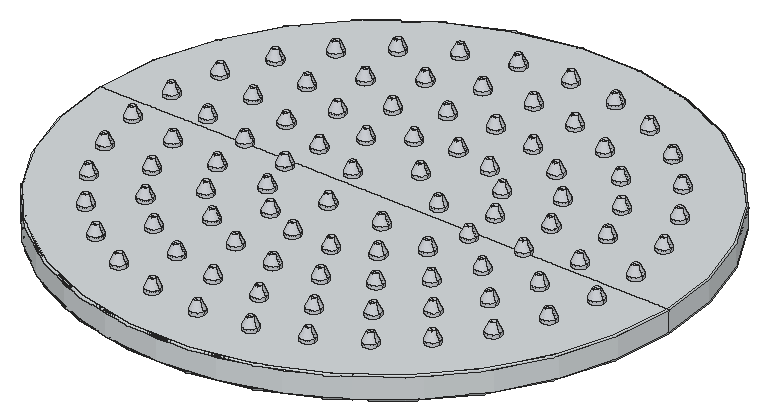
Revit family "Reece_Shower_Mizu_Drift_Overhead Shower_Brass_200 mm", category Plumbing Fixtures, host Face, Revit 2018
Family settings
  Host = Face
  Round Connector Dimension = Use Diameter
  Part Type = Normal
  Cut with Voids When Loaded = No
  Shared = No
  Room Calculation Point = No
Parameters (values of type "Brushed Nickel")
  WFU = 0  # constant formula
  URL = "https://www.reece.com.au/product/-9508186"
  Reece_Shower_Inlet = 15 mm  # constant formula
  Reece_Product_Web Page = "https://www.reece.com.au/product/-9508186"
  Reece_Product_Sub Brand = "Drift"  # constant formula
  Reece_Product_Number = "9508186"
  Reece_Product_Mount = "Ceiling Mounted"
  Reece_Product_Description = "Mizu Drift Brass Overhead Shower 200mm Brushed Nickel (3 Star)"
  Reece_Product_Brand = "Mizu"  # constant formula
  Reece_Overall_Height = 53 mm  # constant formula
  Reece_Overall-Diameter = 200 mm  # constant formula
  Reece_Material_Main = Reece_Brass_Brushed Nickel
  Reece_Head_ Thickness = 8 mm  # constant formula
  Reece_Detail_Material = "Brass"  # constant formula
  Reece_Detail_Disclaimer = "THIS FILE IS THE PROPERTY OF THE REECE GROUP. IT MAY NOT BE REPRODUCED, REVERSE-ENGINEERED, OR MODIFIED. ANY REPUBLICATION, TRANSMISSION, OR DISTRIBUTION FOR THE PURPOSE OF COMMERCIALLY EXPLOITING THE FILES IS PROHIBITED."  # constant formula
  Reece_Detail_Additional = "Overhead Shower"  # constant formula
  Model = "Drift"
  Manufacturer = "Mizu"
  Keynote = "Product #9508186, Reece_Shower_Mizu_Drift_Overhead Shower_Brass_200 mm - Brushed Nickel"
  HWFU = 0  # constant formula
  Disclaimer = "THIS FILE IS THE PROPERTY OF THE REECE GROUP. IT MAY NOT BE REPRODUCED, REVERSE-ENGINEERED, OR MODIFIED. ANY REPUBLICATION, TRANSMISSION, OR DISTRIBUTION FOR THE PURPOSE OF COMMERCIALLY EXPLOITING THE FILES IS PROHIBITED."  # constant formula
  Description = "Mizu Drift Brass Overhead Shower 200mm Brushed Nickel (3 Star)"
  Default Elevation = 0 mm
  CWFU = 0  # constant formula
Types (4, lengths in mm): name | URL | Reece_Product_Web Page | Reece_Product_Number | Reece_Product_Description | Reece_Material_Main | Keynote | Description
  Chrome | "https://www.reece.com.au/product/-9505038" | "https://www.reece.com.au/product/-9505038" | "9505038" | "Mizu Drift Brass Overhead Shower 200mm Chrome (3 Star)" | Reece_Brass_Chrome | "Product #9505038, Reece_Shower_Mizu_Drift_Overhead Shower_Brass_200 mm - Chrome" | "Mizu Drift Brass Overhead Shower 200mm Chrome (3 Star)"
  Brushed Nickel | "https://www.reece.com.au/product/-9508186" | "https://www.reece.com.au/product/-9508186" | "9508186" | "Mizu Drift Brass Overhead Shower 200mm Brushed Nickel (3 Star)" | Reece_Brass_Brushed Nickel | "Product #9508186, Reece_Shower_Mizu_Drift_Overhead Shower_Brass_200 mm - Brushed Nickel" | "Mizu Drift Brass Overhead Shower 200mm Brushed Nickel (3 Star)"
  Matte Black | "https://www.reece.com.au/product/-9505040" | "https://www.reece.com.au/product/-9505040" | "9505040" | "Mizu Drift Brass Overhead Shower 200mm Matte Black (3 Star)" | Reece_Brass_Matte Black | "Product #9505040, Reece_Shower_Mizu_Drift_Overhead Shower_Brass_200 mm - Matte Black" | "Mizu Drift Brass Overhead Shower 200mm Matte Black (3 Star)"
  Brushed Brass | "https://www.reece.com.au/product/-9512323" | "https://www.reece.com.au/product/-9512323" | "9512323" | "Mizu Drift Overhead Shower Brass 200mm Brushed Brass (3 Star)" | Reece_Brass_Brushed | "Product #9512323, Reece_Shower_Mizu_Drift_Overhead Shower_Brass_200 mm - Brushed Brass" | "Mizu Drift Overhead Shower Brass 200mm Brushed Brass (3 Star)"
Reference planes
  plane 1 "Center (Front/Back)": y = 0
  plane 2: z = 0
  plane 3 "Center (Left/Right)": x = 0
  plane 4: z = 53
  plane 5: y = 100
  plane 6: y = -100
  plane 7: x = 100
  plane 8: x = -100
  plane 9: z = 45
Forms (mm)
  Revolve 1, solid, material "Reece_Brass_Brushed Nickel" <- "Reece_Material_Main"
    sketch origin (0, 0, -187) x (1, 0, 0) y (0, 0, 1)
      loop
        line (0, 240) -> (0, 187) -> (12, 187) -> (12, 200.9) -> (8, 200.9) -> (8, 204.4) -> (8.702, 204.989) -> (14.5, 204.989)
        arc (14.5, 204.989) -> (15.914, 205.575) -> (16.5, 206.989) r 2
        line (16.5, 206.989) -> (16.5, 228) -> (18.5, 228)
        arc (18.5, 228) -> (18.854, 228.146) -> (19, 228.5) r 0.5
        line (19, 228.5) -> (19, 232) -> (99.5, 232)
        arc (99.5, 232) -> (99.854, 232.146) -> (100, 232.5) r 0.5
        line (100, 232.5) -> (100, 239.5)
        arc (100, 239.5) -> (99.854, 239.854) -> (99.5, 240) r 0.5
        line (99.5, 240) -> (0, 240)
      axis (0, 240) -> (0, 187)
    angle from 0 to 360
  Extrusion 2, void
    sketch origin (0, 0, 0) x (1, 0, 0) y (0, 0, 1)
      loop
        line (-4.039, 6.9) -> (-4.039, 0) -> (4.039, 0) -> (4.039, 6.9) -> (-4.039, 6.9)
    from 10.673 to 13.307
  Extrusion 3, void
    sketch origin (0, 0, 0) x (1, 0, 0) y (0, 0, -1)
      loop
        line (-4.039, -6.9) -> (4.039, -6.9) -> (4.039, 0) -> (-4.039, 0) -> (-4.039, -6.9)
    from 10.673 to 13.307
  Extrusion 4, void
    sketch origin (0, 0, 0) x (1, 0, 0) y (0, 0, -1)
      loop
        line (-5.657, -23) -> (5.657, -23) -> (5.657, -20.024)
        arc (5.657, -20.024) -> (5.468, -19.439) -> (4.971, -19.075) r 1
        arc (4.971, -19.075) -> (0, -18.273) -> (-4.971, -19.075) r 15.81
        arc (-4.971, -19.075) -> (-5.468, -19.439) -> (-5.657, -20.024) r 1
        line (-5.657, -20.024) -> (-5.657, -23)
    from 14 to 20.436
  Extrusion 5, void
    sketch origin (0, 0, 0) x (1, 0, 0) y (0, 1, 0)
      loop
        circle (0, 0) r 9.5
    from 0 to 12.58
  Extrusion 6, void
    sketch origin (0, 0, 0) x (1, 0, 0) y (0, 0, 1)
      loop
        line (-5.657, 23) -> (-5.657, 20.024)
        arc (-5.657, 20.024) -> (-5.468, 19.439) -> (-4.971, 19.075) r 1
        arc (-4.971, 19.075) -> (0, 18.273) -> (4.971, 19.075) r 15.81
        arc (4.971, 19.075) -> (5.468, 19.439) -> (5.657, 20.024) r 1
        line (5.657, 20.024) -> (5.657, 23) -> (-5.657, 23)
    from 14 to 20.436
  Extrusion 7, solid, material "Reece_Brass_Brushed Nickel" <- "Reece_Material_Main"
    sketch origin (0, 0, 0) x (1, 0, 0) y (0, 1, 0)
      loop
        circle (0, 0) r 8
    from 0 to 2.23
Cuts and joins
  Extrusion 2, Extrusion 3, Extrusion 4, Extrusion 5, Extrusion 6 cuts Revolve 1
Text (mm)
  text "Reece Copyright © 2018, Reece Ltd." at (-684.407, -223.434, 0), in view "Ref. Level"
  text "Reece" at (-233.932, 653.879, -281.419), in view "Reece_Preview"
Dimensions and locks
  equal spacing: plane 5, plane 1 "Center (Front/Back)", plane 6
  equal spacing: plane 8, plane 3 "Center (Left/Right)", plane 7
  "Reece_Overall-Diameter": plane 8 to plane 7
  "Reece_Overall-Diameter": plane 5 to plane 6
  "Reece_Overall_Height": plane 4 to plane 2
  plane 4 to plane 9 to host face = 8 mm, 45 mm
  plane 7 to plane 8 = 200 mm
  "Reece_Head_ Thickness": plane 4 to plane 9
  aligned and locked: plane 2 to host face
  aligned and locked: level to host face
  aligned and locked: Revolve 1 sketch curve to plane 7
  aligned and locked: Revolve 1 sketch curve to plane 4
Automatic sketch dimensions
  host sketch curve to host sketch curve = 340.741 mm
  host sketch curve to host sketch curve = 362.304 mm
  Revolve 1 sketch curve to plane 3 "Center (Left/Right)" = 0 mm  (x2)
  Revolve 1 sketch curve to level = 0 mm
  Revolve 1 sketch curve to plane 9 = 0 mm
  plane 3 "Center (Left/Right)" to Revolve 1 sketch curve = 8 mm
  Revolve 1 sketch curve to Revolve 1 sketch curve = 0.702 mm
  Revolve 1 sketch curve to Revolve 1 sketch curve = 4 mm
  Revolve 1 sketch curve to Revolve 1 sketch curve = 5.798 mm
  Revolve 1 sketch curve to Revolve 1 sketch curve = 2 mm  (x2)
  Revolve 1 sketch curve to Revolve 1 sketch curve = 0.5 mm
  Revolve 1 sketch curve to plane 7 = 0.5 mm
  Revolve 1 sketch curve to plane 4 = 0.5 mm
  level to Revolve 1 sketch curve = 13.9 mm
  Revolve 1 sketch curve to Revolve 1 sketch curve = 3.5 mm
  Revolve 1 sketch curve to Revolve 1 sketch curve = 0.589 mm
  Revolve 1 sketch curve to plane 9 = 4 mm
  Revolve 1 sketch curve to Revolve 1 sketch curve = 796.6 mm
  Revolve 1 sketch curve to Revolve 1 sketch curve = 113.4 mm
  Extrusion 2 sketch curve to level = 0 mm
  Extrusion 2 sketch curve to plane 3 "Center (Left/Right)" = 4.039 mm
  plane 3 "Center (Left/Right)" to Extrusion 2 sketch curve = 4.039 mm
  Extrusion 2 sketch curve to Extrusion 2 sketch curve = 6.9 mm
  Extrusion 3 sketch curve to level = 0 mm
  Extrusion 3 sketch curve to plane 3 "Center (Left/Right)" = 4.039 mm
  plane 3 "Center (Left/Right)" to Extrusion 3 sketch curve = 4.039 mm
  Extrusion 3 sketch curve to Extrusion 3 sketch curve = 6.9 mm
  Extrusion 4 sketch curve to plane 3 "Center (Left/Right)" = 0 mm
  Extrusion 4 sketch curve to plane 3 "Center (Left/Right)" = 4.657 mm
  Extrusion 4 sketch curve to Extrusion 4 sketch curve = 1 mm  (x2)
  plane 3 "Center (Left/Right)" to Extrusion 4 sketch curve = 4.657 mm
  Extrusion 4 sketch curve to plane 9 = 10.918 mm
  Extrusion 4 sketch curve to Extrusion 4 sketch curve = 11.082 mm
  Extrusion 4 sketch curve to Extrusion 4 sketch curve = 2.976 mm  (x2)
  Extrusion 4 sketch curve to Extrusion 4 sketch curve = 0 mm
  plane 1 "Center (Front/Back)" to Extrusion 5 sketch curve = 0 mm
  Extrusion 5 sketch curve to plane 3 "Center (Left/Right)" = 0 mm
  Extrusion 6 sketch curve to plane 3 "Center (Left/Right)" = 0 mm
  Extrusion 6 sketch curve to plane 3 "Center (Left/Right)" = 4.657 mm
  Extrusion 6 sketch curve to Extrusion 6 sketch curve = 1 mm  (x2)
  plane 3 "Center (Left/Right)" to Extrusion 6 sketch curve = 4.657 mm
  level to Extrusion 6 sketch curve = 20.024 mm
  Extrusion 6 sketch curve to Extrusion 6 sketch curve = 0 mm  (x2)
  Extrusion 6 sketch curve to Extrusion 6 sketch curve = 2.976 mm
  Extrusion 6 sketch curve to plane 9 = 10.918 mm
  plane 1 "Center (Front/Back)" to Extrusion 7 sketch curve = 0 mm
  Extrusion 7 sketch curve to plane 3 "Center (Left/Right)" = 0 mm
  radius of Extrusion 5 sketch curve = 9.5 mm
  radius of Extrusion 7 sketch curve = 8 mm
Nested families
  nested 1: "Family1" at (0, 32.495, 53), type "Family1"
  nested 2: "Family1" at (0, 49.048, 53), type "Family1"
  nested 3: "Family1" at (0, 82.066, 53), type "Family1"
  nested 4: "Family1" at (0, 65.601, 53), type "Family1"
  nested 5: "Family1" at (0, 15.942, 53), type "Family1"
  nested 6: "Family1" at (-17.088, 80.27, 53) x (0.9972, 0.0754, 0) z (0, 0, 1), type "Family1"
  nested 7: "Family1" at (-16.211, 63.537, 53) x (0.9972, 0.0754, 0) z (0, 0, 1), type "Family1"
  nested 8: "Family1" at (-15.027, 46.613, 53) x (0.9972, 0.0754, 0) z (0, 0, 1), type "Family1"
  nested 9: "Family1" at (-13.245, 29.655, 53) x (0.9972, 0.0754, 0) z (0, 0, 1), type "Family1"
  nested 10: "Family1" at (-33.333, 74.992, 53) x (0.9972, 0.0754, 0) z (0, 0, 1), type "Family1"
  nested 11: "Family1" at (-48.278, 66.363, 53) x (0.9972, 0.0754, 0) z (0, 0, 1), type "Family1"
  nested 12: "Family1" at (-31.563, 57.476, 53) x (0.9972, 0.0754, 0) z (0, 0, 1), type "Family1"
  nested 13: "Family1" at (-28.741, 39.656, 53) x (0.9972, 0.0754, 0) z (0, 0, 1), type "Family1"
  nested 14: "Family1" at (-60.953, 54.95, 53) x (0.9972, 0.0754, 0) z (0, 0, 1), type "Family1"
  nested 15: "Family1" at (-71.097, 40.99, 53) x (0.9972, 0.0754, 0) z (0, 0, 1), type "Family1"
  nested 16: "Family1" at (-78.033, 25.411, 53) x (0.9972, 0.0754, 0) z (0, 0, 1), type "Family1"
  nested 17: "Family1" at (-62.35, 20.304, 53) x (0.9972, 0.0754, 0) z (0, 0, 1), type "Family1"
  nested 18: "Family1" at (-46.569, 15.165, 53) x (0.9972, 0.0754, 0) z (0, 0, 1), type "Family1"
  nested 19: "Family1" at (-30.882, 10.057, 53) x (0.9972, 0.0754, 0) z (0, 0, 1), type "Family1"
  nested 20: "Family1" at (-55.299, 35.24, 53) x (0.9972, 0.0754, 0) z (0, 0, 1), type "Family1"
  nested 21: "Family1" at (-39.555, 28.879, 53) x (0.9972, 0.0754, 0) z (0, 0, 1), type "Family1"
  nested 22: "Family1" at (-23.919, 21.897, 53) x (0.9972, 0.0754, 0) z (0, 0, 1), type "Family1"
  nested 23: "Family1" at (-15.129, 4.938, 53) x (0.9972, 0.0754, 0) z (0, 0, 1), type "Family1"
  nested 24: "Family1" at (17.088, 80.27, 53) x (-0.9972, 0.0754, 0) z (0, 0, 1), type "Family1"
  nested 25: "Family1" at (16.211, 63.537, 53) x (-0.9972, 0.0754, 0) z (0, 0, 1), type "Family1"
  nested 26: "Family1" at (15.027, 46.613, 53) x (-0.9972, 0.0754, 0) z (0, 0, 1), type "Family1"
  nested 27: "Family1" at (13.245, 29.655, 53) x (-0.9972, 0.0754, 0) z (0, 0, 1), type "Family1"
  nested 28: "Family1" at (33.333, 74.992, 53) x (-0.9972, 0.0754, 0) z (0, 0, 1), type "Family1"
  nested 29: "Family1" at (48.278, 66.363, 53) x (-0.9972, 0.0754, 0) z (0, 0, 1), type "Family1"
  nested 30: "Family1" at (31.563, 57.476, 53) x (-0.9972, 0.0754, 0) z (0, 0, 1), type "Family1"
  nested 31: "Family1" at (28.741, 39.656, 53) x (-0.9972, 0.0754, 0) z (0, 0, 1), type "Family1"
  nested 32: "Family1" at (60.953, 54.95, 53) x (-0.9972, 0.0754, 0) z (0, 0, 1), type "Family1"
  nested 33: "Family1" at (71.097, 40.99, 53) x (-0.9972, 0.0754, 0) z (0, 0, 1), type "Family1"
  nested 34: "Family1" at (78.033, 25.411, 53) x (-0.9972, 0.0754, 0) z (0, 0, 1), type "Family1"
  nested 35: "Family1" at (62.35, 20.304, 53) x (-0.9972, 0.0754, 0) z (0, 0, 1), type "Family1"
  nested 36: "Family1" at (46.569, 15.165, 53) x (-0.9972, 0.0754, 0) z (0, 0, 1), type "Family1"
  nested 37: "Family1" at (30.882, 10.057, 53) x (-0.9972, 0.0754, 0) z (0, 0, 1), type "Family1"
  nested 38: "Family1" at (55.299, 35.24, 53) x (-0.9972, 0.0754, 0) z (0, 0, 1), type "Family1"
  nested 39: "Family1" at (39.555, 28.879, 53) x (-0.9972, 0.0754, 0) z (0, 0, 1), type "Family1"
  nested 40: "Family1" at (23.919, 21.897, 53) x (-0.9972, 0.0754, 0) z (0, 0, 1), type "Family1"
  nested 41: "Family1" at (15.129, 4.938, 53) x (-0.9972, 0.0754, 0) z (0, 0, 1), type "Family1"
  nested 42: "Family1" at (-44.89, 47.798, 53) x (0.9972, 0.0754, 0) z (0, 0, 1), type "Family1"
  nested 43: "Family1" at (44.89, 47.798, 53) x (-0.9972, 0.0754, 0) z (0, 0, 1), type "Family1"
  nested 44: "Family1" at (-81.622, 8.525, 53) x (0.9972, 0.0754, 0) z (0, 0, 1), type "Family1"
  nested 45: "Family1" at (-65.439, 4.188, 53) x (0.9972, 0.0754, 0) z (0, 0, 1), type "Family1"
  nested 46: "Family1" at (-48.976, 0, 53) x (0.9972, 0.0754, 0) z (0, 0, 1), type "Family1"
  nested 47: "Family1" at (-32.316, -3.238, 53) x (0.9972, 0.0754, 0) z (0, 0, 1), type "Family1"
  nested 48: "Family1" at (81.622, 8.525, 53) x (-0.9972, 0.0754, 0) z (0, 0, 1), type "Family1"
  nested 49: "Family1" at (65.439, 4.188, 53) x (-0.9972, 0.0754, 0) z (0, 0, 1), type "Family1"
  nested 50: "Family1" at (48.976, 0, 53) x (-0.9972, 0.0754, 0) z (0, 0, 1), type "Family1"
  nested 51: "Family1" at (32.316, -3.238, 53) x (-0.9972, 0.0754, 0) z (0, 0, 1), type "Family1"
  nested 52: "Family1" at (9.358, -12.822, 53) x (-0.9972, 0.0754, 0) z (0, 0, 1), type "Family1"
  nested 53: "Family1" at (28.183, -16.141, 53) x (-0.9972, 0.0754, 0) z (0, 0, 1), type "Family1"
  nested 54: "Family1" at (18.999, -26.342, 53) x (-0.9972, 0.0754, 0) z (0, 0, 1), type "Family1"
  nested 55: "Family1" at (6.744, -31.77, 53) x (-0.9972, 0.0754, 0) z (0, 0, 1), type "Family1"
  nested 56: "Family1" at (14.98, -46.629, 53) x (-0.9972, 0.0754, 0) z (0, 0, 1), type "Family1"
  nested 57: "Family1" at (28.793, -39.618, 53) x (-0.9972, 0.0754, 0) z (0, 0, 1), type "Family1"
  nested 58: "Family1" at (39.618, -28.793, 53) x (-0.9972, 0.0754, 0) z (0, 0, 1), type "Family1"
  nested 59: "Family1" at (46.581, -15.127, 53) x (-0.9972, 0.0754, 0) z (0, 0, 1), type "Family1"
  nested 60: "Family1" at (64.408, -12.304, 53) x (-0.9972, 0.0754, 0) z (0, 0, 1), type "Family1"
  nested 61: "Family1" at (81.609, -8.648, 53) x (-0.9972, 0.0754, 0) z (0, 0, 1), type "Family1"
  nested 62: "Family1" at (78.071, -25.294, 53) x (-0.9972, 0.0754, 0) z (0, 0, 1), type "Family1"
  nested 63: "Family1" at (59.328, -27.928, 53) x (-0.9972, 0.0754, 0) z (0, 0, 1), type "Family1"
  nested 64: "Family1" at (39.618, -28.793, 53) x (-0.9972, 0.0754, 0) z (0, 0, 1), type "Family1"
  nested 65: "Family1" at (50.6, -41.706, 53) x (-0.9972, 0.0754, 0) z (0, 0, 1), type "Family1"
  nested 66: "Family1" at (71.096, -40.991, 53) x (-0.9972, 0.0754, 0) z (0, 0, 1), type "Family1"
  nested 67: "Family1" at (60.954, -54.949, 53) x (-0.9972, 0.0754, 0) z (0, 0, 1), type "Family1"
  nested 68: "Family1" at (48.277, -66.364, 53) x (-0.9972, 0.0754, 0) z (0, 0, 1), type "Family1"
  nested 69: "Family1" at (38.573, -53.024, 53) x (-0.9972, 0.0754, 0) z (0, 0, 1), type "Family1"
  nested 70: "Family1" at (24.113, -60.978, 53) x (-0.9972, 0.0754, 0) z (0, 0, 1), type "Family1"
  nested 71: "Family1" at (33.24, -75.033, 53) x (-0.9972, 0.0754, 0) z (0, 0, 1), type "Family1"
  nested 72: "Family1" at (17.211, -80.241, 53) x (-0.9972, 0.0754, 0) z (0, 0, 1), type "Family1"
  nested 73: "Family1" at (8.096, -65.071, 53) x (-0.9972, 0.0754, 0) z (0, 0, 1), type "Family1"
  nested 74: "Family1" at (0, -48.976, 53) x (-0.9972, 0.0754, 0) z (0, 0, 1), type "Family1"
  nested 75: "Family1" at (0, -82.066, 53) x (-0.9972, 0.0754, 0) z (0, 0, 1), type "Family1"
  nested 76: "Family1" at (-28.183, -16.141, 53) x (0.9972, 0.0754, 0) z (0, 0, 1), type "Family1"
  nested 77: "Family1" at (-18.999, -26.342, 53) x (0.9972, 0.0754, 0) z (0, 0, 1), type "Family1"
  nested 78: "Family1" at (-6.744, -31.77, 53) x (0.9972, 0.0754, 0) z (0, 0, 1), type "Family1"
  nested 79: "Family1" at (-14.98, -46.629, 53) x (0.9972, 0.0754, 0) z (0, 0, 1), type "Family1"
  nested 80: "Family1" at (-28.793, -39.618, 53) x (0.9972, 0.0754, 0) z (0, 0, 1), type "Family1"
  nested 81: "Family1" at (-46.581, -15.127, 53) x (0.9972, 0.0754, 0) z (0, 0, 1), type "Family1"
  nested 82: "Family1" at (-64.408, -12.304, 53) x (0.9972, 0.0754, 0) z (0, 0, 1), type "Family1"
  nested 83: "Family1" at (-78.071, -25.294, 53) x (0.9972, 0.0754, 0) z (0, 0, 1), type "Family1"
  nested 84: "Family1" at (-59.328, -27.928, 53) x (0.9972, 0.0754, 0) z (0, 0, 1), type "Family1"
  nested 85: "Family1" at (-39.618, -28.793, 53) x (0.9972, 0.0754, 0) z (0, 0, 1), type "Family1"
  nested 86: "Family1" at (-50.6, -41.706, 53) x (0.9972, 0.0754, 0) z (0, 0, 1), type "Family1"
  nested 87: "Family1" at (-60.954, -54.949, 53) x (0.9972, 0.0754, 0) z (0, 0, 1), type "Family1"
  nested 88: "Family1" at (-48.277, -66.364, 53) x (0.9972, 0.0754, 0) z (0, 0, 1), type "Family1"
  nested 89: "Family1" at (-38.573, -53.024, 53) x (0.9972, 0.0754, 0) z (0, 0, 1), type "Family1"
  nested 90: "Family1" at (-24.113, -60.978, 53) x (0.9972, 0.0754, 0) z (0, 0, 1), type "Family1"
  nested 91: "Family1" at (-33.24, -75.033, 53) x (0.9972, 0.0754, 0) z (0, 0, 1), type "Family1"
  nested 92: "Family1" at (-17.211, -80.241, 53) x (0.9972, 0.0754, 0) z (0, 0, 1), type "Family1"
  nested 93: "Family1" at (-8.096, -65.071, 53) x (0.9972, 0.0754, 0) z (0, 0, 1), type "Family1"
  nested 94: "Family1" at (-81.62, -8.598, 53) x (0.9972, 0.0754, 0) z (0, 0, 1), type "Family1"
  nested 95: "Family1" at (-71.036, -41.095, 53) x (0.9972, 0.0754, 0) z (0, 0, 1), type "Family1"
  nested 96: "Family1" at (-9.306, -13, 53) x (0.9972, 0.0754, 0) z (0, 0, 1), type "Family1"
Connectors
  piping at (0, 0, 0), diameter 15, driven by "Reece_Shower_Inlet"
    settings: on Extrusion 7, index 1, connector inside diameter 609.6 mm, connector length 0 mm, flow factor 0, pipe flow 0.0 L/s, pressure drop 0.0 Pa, fitting loss kfactor 0, connector angle 0.00°, fixture units 0, engagement length 0 mm, angle of deflection 0.00°, flow configuration 0, flow direction 1, fitting loss method 0, system type 29, joint type 0, gender type 0, connector reference index -1, connector utility 0, adjustable connector no, is connector primary yes, connector description ""
Definition of nested family "Family1"
  Parameters (values of type "Family1")
    Reece_Material_Main = none
  Reference planes
    plane 1 "Center (Front/Back)": y = 0
    plane 2: z = 0
    plane 3 "Center (Left/Right)": x = 0
  Forms (mm)
    Revolve 1, solid, material <- "Reece_Material_Main", detail levels fine
      sketch origin (0, 0, 0) x (1, 0, 0) y (0, 0, 1)
        loop
          line (0, 0) -> (2.5, 0) -> (2.5, 1) -> (1.037, 4) -> (0, 4) -> (0, 0)
        axis (0, 0) -> (0, 4)
      angle from 0 to 360
  Dimensions and locks
    aligned and locked: level to plane 2
